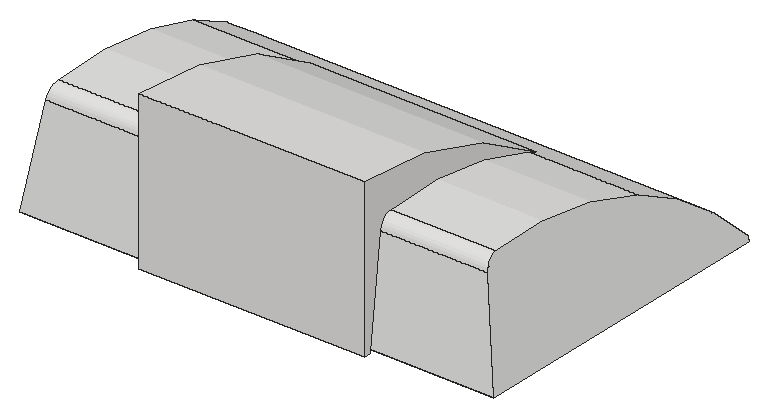
Revit family "WD2S-Down", category Lighting Fixtures, host Wall, Revit 2014
Parameters (values of type "WDS-D-24L-74-4K7-3")
  Watts = 74 W
  Wattage Comments = "30, 40, 60 & 75W"  # constant formula
  Wattage = 74 W
  built-in parameter 1150110 = 1 (stored number, unit not read)
  Voltage = 120 V
  URL = "https://www.hubbell.com/kimlighting/en/"
  Type Comments = "Lighting Fixture"  # constant formula
  built-in parameter 1114217 = 1 (stored number, unit not read)
  Tilt Angle = 90.00°
  built-in parameter 1150109 = 1 (stored number, unit not read)
  built-in parameter 1150134 = 12
  built-in parameter 1150113 = 1 (stored number, unit not read)
  Series = "Wall Director"  # constant formula
  Product Page URL = "https://www.hubbell.com/kimlighting/en/Products/Lighting-Controls/Commercial-Outdoor-Lighting/Wall-Mount/Wall-Director-2-0/p/2657528"
  Product Documentation Link = "https://www.hubbell.com/kimlighting/en/Products/Lighting-Controls/Commercial-Outdoor-Lighting/Wall-Mount/Wall-Director-2-0/p/2657528"
  Power Factor = 1  # constant formula
  Photometric Web Link = "https://www.hubbell.com/kimlighting/en/Products/Lighting-Controls/Commercial-Outdoor-Lighting/Wall-Mount/Wall-Director-2-0/p/2657528"
  Photometric Web File = "WDS-D-24L-74-4K7-3.IES"
  Photometric Notes = "More IES files download on Photometric Web Link"  # constant formula
  OmniClass Title = "Wall or Ceiling Mounted External Lighting"  # constant formula
  OmniClass Number = "23-80 70 14 11 17"  # constant formula
  Number of Poles = 1
  Note Visible = yes
  Note Text = "LF"  # constant formula
  Mounting Height = 108.00"
  Model = "WD2S-Down"  # constant formula
  MasterFormat Title = "Parking Lighting, Site Lighting"  # constant formula
  Manufacturer = "Kim Lighting"  # constant formula
  Lumens = 7844 lm
  built-in parameter 1150115 = 1 (stored number, unit not read)
  built-in parameter 1150105 = 624.21 (stored number, unit not read)
  Load Classification = Lighting
  built-in parameter 1150137 = (empty or 0)
  built-in parameter 1150139 = (empty or 0)
  Light Engine = "4000K/70CRI"
  built-in parameter 1150112 = 1 (stored number, unit not read)
  built-in parameter 1150114 = 1 (stored number, unit not read)
  Lamp = "24 LEDs"  # constant formula
  built-in parameter 1150132 = (empty or 0)
  built-in parameter 1150102 = (empty or 0)
  built-in parameter 1150138 = (empty or 0)
  built-in parameter 1150107 = 4000 (stored number, unit not read)
  built-in parameter 1150106 = 6.2421 (stored number, unit not read)
  Emit from Rectangle Width = 9.00"  # constant formula
  Emit from Rectangle Length = 4.00"  # constant formula
  Emit Shape Visible in Rendering = no
  built-in parameter 1150104 = 9.8477 (stored number, unit not read)
  Distribution = "Type III"
  Dimming Lamp Color Temperature Shift = <None>
  Description = "Wall Mounted Luminaire"  # constant formula
  Create Date = "02/16/2018"  # constant formula
  Colour Option = WD : White
  Color Filter = 16777215
  built-in parameter 1114218 = 1 (stored number, unit not read)
  built-in parameter 1150133 = 10 (stored number, unit not read)
  Assembly Code = "D5020200"
  Apparent Load = 0 VA
Types (7): name | Watts | Wattage | built-in parameter 1150134 | Photometric Web File | Mounting Height | Lumens | built-in parameter 1150105 | Light Engine | built-in parameter 1150107 | built-in parameter 1150106 | built-in parameter 1150104 | Distribution
  (no name) | 74 W | 74 W | 12 | "WDS-D-24L-74-4K7-3.IES" | 108.00" | 7844 lm | 624.21 (stored number, unit not read) | "4000K/70CRI" | 4000 (stored number, unit not read) | 6.2421 (stored number, unit not read) | 9.8477 (stored number, unit not read) | "Type III"
  WDS-D-24L-59-4K7-3 | 59 W | 59 W | 12 | "WDS-D-24L-59-4K7-3.IES" | 72.00" | 6372 lm | 507.07 (stored number, unit not read) | "4000K/70CRI" | 4000 (stored number, unit not read) | 5.0707 (stored number, unit not read) | 10.034 (stored number, unit not read) | "Type III"
  WDS-D-24L-30-3K7-WG | 29 W | 29 W | (empty or 0) | "WDS-D-24L-30-3K7-WG.IES" | 72.00" | 3393 lm | 270.01 (stored number, unit not read) | "3000K/70CRI" | 3000 (stored number, unit not read) | 2.7001 (stored number, unit not read) | 10.87 (stored number, unit not read) | "Wall Graze"
  WDS-D-24L-42-3K7-4F | 42 W | 42 W | (empty or 0) | "WDS-D-24L-42-3K7-4F.IES" | 72.00" | 4536 lm | 360.96 (stored number, unit not read) | "3000K/70CRI" | 3000 (stored number, unit not read) | 3.6096 (stored number, unit not read) | 10.034 (stored number, unit not read) | "Type IV Forward"
  WDS-D-24L-59-5K7-1 | 59 W | 59 W | 2 | "WDS-D-24L-59-5K7-1.ies" | 72.00" | 6608 lm | 1752.7 (stored number, unit not read) | "5000K/70CRI" | 5000 (stored number, unit not read) | 17.527 (stored number, unit not read) | 10.405 (stored number, unit not read) | "Type I"
  WDS-D-24L-74-4K7-3 | 74 W | 74 W | 12 | "WDS-D-24L-74-4K7-3.IES" | 108.00" | 7844 lm | 624.21 (stored number, unit not read) | "4000K/70CRI" | 4000 (stored number, unit not read) | 6.2421 (stored number, unit not read) | 9.8477 (stored number, unit not read) | "Type III"
  WDS-D-24L-30-3K7-3 | 29 W | 29 W | (empty or 0) | "WDS-D-24L-30-3K7-3.IES" | 72.00" | 3364 lm | 267.7 (stored number, unit not read) | "3000K/70CRI" | 3000 (stored number, unit not read) | 2.677 (stored number, unit not read) | 10.777 (stored number, unit not read) | "Type III"
Reference planes (in)
  plane 1: y = 0
  plane 2 "Light Source Axis (F/B)": y = 9
  plane 3 "Light Source Axis (L/R)": x = -1.43133
  plane 4 "Light Source Elevation": z = 106.5
  plane 5 "Back": y = 3
  plane 6: z = 0
  plane 7: z = 108
Text (in)
  text "Placement Side" at (0, 30.98322, 113.37339), in view "Right"
  text "Placement Side" at (-61.11156, 46.17328, 0), in view "Ref. Level"
  text "Placement Side" at (0, 49.33155, 111.53661), in view "Left"
Dimensions and locks (in)
  locked: plane 5 "Back" to host wall at 0
  plane 6 to plane 4 "Light Source Elevation" = 106.50"
  locked: plane 2 "Light Source Axis (F/B)" to plane 5 "Back" at 6
  locked: plane 4 "Light Source Elevation" to plane 7 at 1.5
  "Mounting Height": plane 6 to plane 7
  aligned and locked: plane 4 "Light Source Elevation" to imposter light
  aligned and locked: imposter light to plane 2 "Light Source Axis (F/B)"
  aligned and locked: plane 3 "Light Source Axis (L/R)" to nested 1
  aligned and locked: nested 1 to plane 7
Nested families (in)
  nested 1: "WD" at (-1.43133, 3, 108) x (-1, 0, 0) z (0, 1, 0), type "Platinum Silver"
Connectors (in)
  electrical at (-1.43133, 3, 108), driven by "Load Classification", driven by "Voltage", driven by "Apparent Load", driven by "Power Factor"
    settings: on nested 1, index 1, voltage 120 V, apparent load 0 VA, apparent load phase1 0 VA, apparent load phase2 0 VA, apparent load phase3 0 VA, power factor 1, load classification "Lighting", number of poles 1, system type 30, power factor state 1, is connector primary yes, connector utility no, sub classification motor no, connector description "Lighting Connector"
Definition of nested family "WD"
  Parameters (values of type "White")
    Material Finish = Hubbell - White
    Glass = Hubbell - White Glass
  Types (8): name | Material Finish
    (no name) | Hubbell - White
    Black | Hubbell - Black
    Dark Bronze | Hubbell - Dark Bronze
    Graphite | Hubbell - Graphite
    Light Gray | Hubbell - Light Gray
    Platinum Silver | Hubbell - Platinum Silver
    Titanium | Hubbell - Titanium
    White | Hubbell - White
  Reference planes (in)
    plane 1 "Center (Front/Back)": y = 0
    plane 2: z = 0
    plane 3 "Center (Left/Right)": x = 0
    plane 4: x = -6.5
    plane 5: x = 6.5
    plane 6: y = 2.15
    plane 7: y = -2.15
    plane 8: y = -2.025
    plane 9: through (-6.5, -2.025, 48) normal (-0.9877, 0.1564, 0)
    plane 10: through (6.5, -2.025, 48) normal (-0.9877, -0.1564, 0)
    plane 11: z = 8.9
    plane 12: x = -3.1
    plane 13: x = 3.1
    plane 14: z = 7.9
    plane 15: z = 3.9
    plane 16: x = -4.5
    plane 17: x = 4.5
    plane 18: y = -1.15
  Forms (in)
    Extrusion 1, solid, material "Hubbell - White" <- "Material Finish"
      sketch origin (0, 0, 0) x (0, 1, 0) y (0, 0, 1)
        loop
          line (-2.025, 0.17032) -> (0.73999, 0.50982)
          arc (0.73999, 0.50982) -> (0.97971, 0.62792) -> (1.09396, 0.8695) r 0.40569
          arc (1.09396, 0.8695) -> (1.0549, 3.28133) -> (0.43271, 5.61186) r 9.88236
          arc (0.43271, 5.61186) -> (-0.54071, 7.39296) -> (-1.90039, 8.9) r 8.69883
          line (-1.90039, 8.9) -> (-2.025, 8.9) -> (-2.025, 0.17032)
      from -6.5 to 6.5
    Extrusion 2, solid, material "Hubbell - White" <- "Material Finish"
      sketch origin (0, 0, 0) x (0, 1, 0) y (0, 0, 1)
        loop
          line (-2.15, 0) -> (2.15, 0)
          arc (2.15, 0) -> (1.7043, 3.06816) -> (0.33308, 5.84881) r 9.9183
          arc (0.33308, 5.84881) -> (0.38377, 5.7307) -> (0.43271, 5.61186) r 8.69883
          arc (0.43271, 5.61186) -> (1.0549, 3.28133) -> (1.09396, 0.8695) r 9.88236
          arc (1.09396, 0.8695) -> (0.97971, 0.62792) -> (0.73999, 0.50982) r 0.40569
          line (0.73999, 0.50982) -> (-2.15, 0.15497) -> (-2.15, 0)
      from -3.1 to 3.1
    Extrusion 3, void
      sketch origin (0, 0, 0) x (1, 0, 0) y (0, 1, 0)
        loop
          line (-6.5, -2.025) -> (-5.83874, 2.15) -> (-6.5, 2.15) -> (-6.5, -2.025)
        loop
          line (6.5, -2.025) -> (6.5, 2.15) -> (5.83874, 2.15) -> (6.5, -2.025)
      from 0 to 8.9
    Blend 4, solid, material "Hubbell - White" <- "Material Finish"
      base sketch origin (0, 0, 0) x (1, 0, 0) y (0, 0, 1)
        loop
          line (-6.5, 8.9) -> (-6.5, 0.17032) -> (6.5, 0.17032) -> (6.5, 8.9) -> (-6.5, 8.9)
      top sketch origin (0, 0, 0) x (1, 0, 0) y (0, 0, 1)
        loop
          line (-6.23026, 8.65) -> (-6.23026, 0.42032) -> (6.25, 0.42032) -> (6.25, 8.65) -> (-6.23026, 8.65)
      from 2.025 to 2.15
    Extrusion 5, void
      sketch origin (0, 0, 0) x (1, 0, 0) y (0, 0, 1)
        loop
          line (-4.5, 7.9) -> (-4.5, 3.9) -> (4.5, 3.9) -> (4.5, 7.9) -> (-4.5, 7.9)
      from 1.15 to 2.15
    Extrusion 6, solid, material "Hubbell - White Glass" <- "Glass"
      sketch origin (0, 0, 0) x (1, 0, 0) y (0, 0, 1)
        loop
          line (-4.5, 7.9) -> (-4.5, 3.9) -> (4.5, 3.9) -> (4.5, 7.9) -> (-4.5, 7.9)
      from 2.025 to 2.15
  Cuts and joins
    Extrusion 3, Extrusion 5 cuts Extrusion 1
    Extrusion 5 cuts Blend 4
  Dimensions and locks (in)
    equal spacing: plane 4, plane 3 "Center (Left/Right)", plane 5
    locked: plane 4 to plane 5 at 13
    equal spacing: plane 6, plane 1 "Center (Front/Back)", plane 7
    locked: plane 6 to plane 7 at 4.3
    locked: plane 8 to plane 7 at 0.125
    plane 11 to plane 2 = 8.90"
    equal spacing: plane 12, plane 3 "Center (Left/Right)", plane 13, locked at 3.1 each
    locked: plane 11 to plane 14 at 1
    locked: plane 14 to plane 15 at 4
    locked: plane 16 to plane 4 at 2
    locked: plane 5 to plane 17 at 2
    locked: plane 18 to plane 7 at 1
    angle plane 9 to plane 4 = 9.00°
    aligned and locked: plane 2 to level
    aligned and locked: Extrusion 1 sketch curve to plane 8
    aligned and locked: Extrusion 2 sketch curve to plane 7
    aligned and locked: plane 2 to Extrusion 2 sketch curve
    aligned and locked: Extrusion 1 to plane 4
    aligned and locked: plane 5 to Extrusion 1
    aligned and locked: Extrusion 2 to plane 12
    aligned and locked: Extrusion 2 to plane 13
    aligned and locked: plane 6 to Extrusion 3 sketch curve
    aligned and locked: Extrusion 3 sketch curve to plane 4
    aligned and locked: Extrusion 3 sketch curve to plane 9
    aligned and locked: Extrusion 3 sketch curve to plane 6
    aligned and locked: Extrusion 3 sketch curve to plane 10
    aligned and locked: Extrusion 3 sketch curve to plane 5
    aligned and locked: plane 11 to Extrusion 3
    aligned and locked: Extrusion 3 to plane 2
    aligned and locked: Blend 4 sketch curve to cut or joined group of Extrusion 1, Extrusion 3, Extrusion 5  (x4)
    aligned and locked: plane 8 to Blend 4
    aligned and locked: Blend 4 to plane 7
    aligned and locked: Extrusion 5 sketch curve to plane 14
    aligned and locked: plane 16 to Extrusion 5 sketch curve
    aligned and locked: plane 15 to Extrusion 5 sketch curve
    aligned and locked: Extrusion 5 sketch curve to plane 17
    aligned and locked: Extrusion 5 to plane 7
    aligned and locked: plane 18 to Extrusion 5
    aligned and locked: Extrusion 6 sketch curve to cut or joined group of Extrusion 1, Extrusion 3, Extrusion 5  (x4)
    aligned and locked: plane 8 to Extrusion 6
    aligned and locked: Extrusion 6 to plane 7
  Automatic sketch dimensions
    level to Extrusion 1 sketch curve = 0.17032"
    Extrusion 1 sketch curve to plane 11 = 0.00"
    Extrusion 1 sketch curve to Extrusion 1 sketch curve = 1.09767"
    Extrusion 1 sketch curve to plane 1 "Center (Front/Back)" = 0.69055"
    Extrusion 1 sketch curve to Extrusion 1 sketch curve = 0.04944"
    level to Extrusion 1 sketch curve = 0.50982"
    Extrusion 1 sketch curve to Extrusion 1 sketch curve = 0.40267"
    Extrusion 1 sketch curve to Extrusion 1 sketch curve = 0.44255"
    Extrusion 1 sketch curve to Extrusion 1 sketch curve = 0.12461"
    Extrusion 1 sketch curve to plane 1 "Center (Front/Back)" = 0.43271"
    Extrusion 1 sketch curve to Extrusion 1 sketch curve = 0.00"  (x2)
    Extrusion 2 sketch curve to plane 6 = 0.00"
    level to Extrusion 2 sketch curve = 2.35914"
    level to Extrusion 2 sketch curve = 0.12577"
    Extrusion 2 sketch curve to Extrusion 2 sketch curve = 0.13241"
    Extrusion 2 sketch curve to Extrusion 2 sketch curve = 1.09767"
    Extrusion 2 sketch curve to plane 1 "Center (Front/Back)" = 0.69055"
    Extrusion 2 sketch curve to Extrusion 2 sketch curve = 0.04944"
    Extrusion 2 sketch curve to Extrusion 2 sketch curve = 0.15497"
    level to Extrusion 2 sketch curve = 0.50982"
    Extrusion 2 sketch curve to Extrusion 2 sketch curve = 0.40267"
    Extrusion 2 sketch curve to Extrusion 2 sketch curve = 0.44255"
    Extrusion 2 sketch curve to plane 1 "Center (Front/Back)" = 0.33308"
    Extrusion 2 sketch curve to Extrusion 2 sketch curve = 0.09963"
    Extrusion 2 sketch curve to Extrusion 2 sketch curve = 0.00"
    plane 4 to Blend 4 sketch curve = 0.26974"
    Blend 4 sketch curve to plane 5 = 0.25"
    level to Blend 4 sketch curve = 0.42032"
    Blend 4 sketch curve to plane 11 = 0.25"
